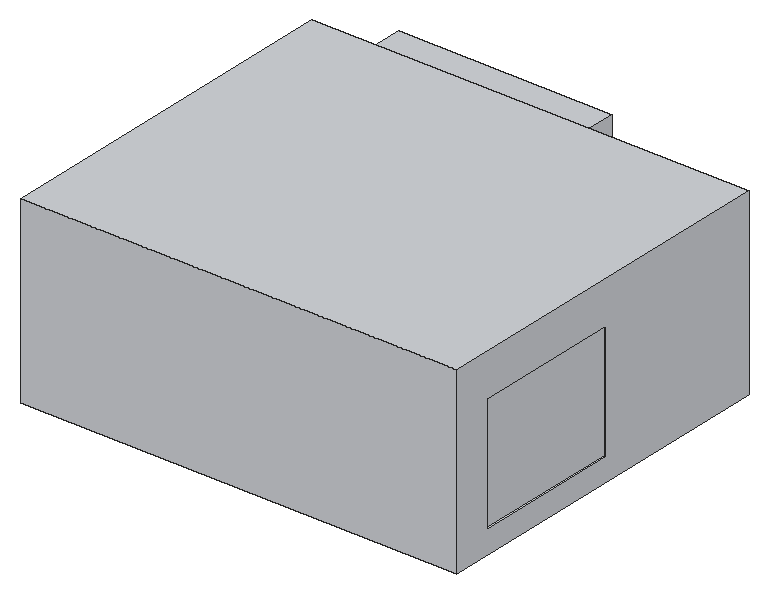
Revit family "1a06e13fa0894df6933945f8343416e4", category Mechanical Equipment, Revit 2021
Family settings
  Round Connector Dimension = Use Radius
  Part Type = Normal
  OmniClass Number = 23.75.70.21.24.14
  OmniClass Title = Variable Volume Air Terminal Units
  Seek Item ID = Terminal Unit - Fan Powered - Digital Controlled-0000-USA-ENU
  Work Plane-Based = No
  Always vertical = Yes
  Cut with Voids When Loaded = No
  Shared = No
  Room Calculation Point = No
Parameters (values of type "Unit Size 2")
  Width = 3' - 0 1/8"
  Voltage = 115 V
  Unit Pressure Drop [instance] = 0.10 in-wg
  Supply Airflow [instance] = 500 CFM
  Primary Air Airflow [instance] = Supply Airflow * 0.6  # 300 CFM
  Poles = 1
  Load Classification = Cooling
  Load = 480.0 VA
  Length = 3' - 4 7/8"
  Induced Air Airflow [instance] = Supply Airflow * 0.4  # 200 CFM
  Height = 1' - 5 1/8"
  HP = 0.167 VA
  Dimension N = 0' - 2 7/8"
  Dimension K = 0' - 4"
  Dimension J = 0' - 11"
  Dimension G = 0' - 3 1/2"
  Dimension F = 1' - 2"
  Dimension E = 1' - 2 1/2"
  Dimension D Radius = Dimension D Diameter / 2  # 3"
  Dimension D Diameter = 6"
  Dimension C = 1' - 1 1/4"
  Dimension B = 0' - 8 9/16"
  Dimension A = 0' - 6"
  Default Elevation = 0' - 0"
  Assembly Code = ""
Types (6): name | Width | Voltage | Unit Pressure Drop | Supply Airflow | Primary Air Airflow | Poles | Load | Length | Induced Air Airflow | Height | HP | Dimension N | Dimension K | Dimension J | Dimension G | Dimension F | Dimension E | Dimension D Radius | Dimension D Diameter | Dimension C | Dimension B | Dimension A
  Unit Size 2 | 3' - 0 1/8" | 115 V | 0.10 in-wg | 500 CFM | 300 CFM | 1 | 480.0 VA | 3' - 4 7/8" | 200 CFM | 1' - 5 1/8" | 0.167 VA | 0' - 2 7/8" | 0' - 4" | 0' - 11" | 0' - 3 1/2" | 1' - 2" | 1' - 2 1/2" | 3" | 6" | 1' - 1 1/4" | 0' - 8 9/16" | 0' - 6"
  Unit Size 3 | 3' - 0 1/8" | 115 V | 0.19 in-wg | 900 CFM | 540 CFM | 1 | 840.0 VA | 3' - 4 7/8" | 360 CFM | 1' - 5 1/8" | 0.250 VA | 0' - 2 7/8" | 0' - 4" | 0' - 11" | 0' - 3 1/2" | 1' - 2" | 1' - 2 1/2" | 4" | 8" | 1' - 1 1/4" | 0' - 8 9/16" | 0' - 6"
  Unit Size 4 | 3' - 0 1/8" | 115 V | 0.17 in-wg | 1300 CFM | 780 CFM | 1 | 1176.0 VA | 3' - 4 7/8" | 520 CFM | 1' - 5 1/8" | 0.333 VA | 0' - 4 7/8" | 0' - 4" | 0' - 11" | 0' - 3 1/2" | 1' - 2" | 1' - 2 1/2" | 5" | 10" | 1' - 1 1/4" | 0' - 8 9/16" | 0' - 7"
  Unit Size 5 | 4' - 0 1/8" | 115 V | 0.16 in-wg | 1500 CFM | 900 CFM | 1 | 1200.0 VA | 3' - 10 7/8" | 600 CFM | 1' - 8 1/8" | 0.333 VA | 0' - 4 7/8" | 0' - 2 1/2" | 1' - 2 1/2" | 0' - 9 1/2" | 1' - 4 1/2" | 1' - 5 1/2" | 6" | 12" | 1' - 9" | 0' - 10 1/16" | 0' - 8"
  Unit Size 6 | 4' - 0 1/8" | 115 V | 0.17 in-wg | 2000 CFM | 1200 CFM | 1 | 1608.0 VA | 3' - 10 7/8" | 800 CFM | 1' - 8 1/8" | 0.750 VA | 0' - 4 7/8" | 0' - 2 1/2" | 1' - 2 1/2" | 0' - 9 1/2" | 1' - 4 1/2" | 1' - 5 1/2" | 7" | 14" | 1' - 9" | 0' - 10 1/16" | 0' - 10"
  Unit Size 7 | 4' - 0 1/8" | 208 V | 0.15 in-wg | 2400 CFM | 1440 CFM | 3 | 1872.0 VA | 3' - 10 7/8" | 960 CFM | 1' - 8 1/8" | 1.000 VA | 0' - 4 7/8" | 0' - 2 1/2" | 1' - 2 1/2" | 0' - 9 1/2" | 1' - 4 1/2" | 1' - 5 1/2" | 8" | 16" | 1' - 9" | 0' - 10 1/16" | 0' - 11"
Reference planes (in)
  plane 1 "Center (Front/Back)": y = 0
  plane 2: z = 0
  plane 3 "Center (Left/Right)": x = 0
  plane 4 "Width": y = 34.125
  plane 5 "Length": x = -40.875
  plane 6: z = 17.125
  plane 7: x = -40.625
  plane 8: x = -0.25
  plane 9: y = 3.5
  plane 10: y = 17.5
  plane 11: z = 13.125
  plane 12: z = 2.125
  plane 13 "N": x = -37.75
  plane 14: x = -17.75
  plane 15: y = 40.375
  plane 16: z = 8.5625
  plane 17: z = 14.5625
  plane 18: z = 2.5625
  plane 19: y = 28.125
  plane 20: z = 8.5625
  plane 21: x = -44.25
  plane 22: y = 4.5
  plane 23: y = 17.75
  plane 24: z = 1.25
  plane 25: z = 15.75
  plane 26: y = 22.125
  plane 27: y = 34.125
  plane 28: y = 31.125
  plane 29: y = 25.125
Forms (in)
  Extrusion 1, solid
    sketch origin (0, 0, 0) x (1, 0, 0) y (0, 1, 0)
      loop
        line (-40.875, 34.125) -> (-40.875, 0) -> (0, 0) -> (0, 34.125) -> (-40.875, 34.125)
    from 0 to 17.125
  Extrusion 2, void
    sketch origin (0, 0, 0) x (0, 1, 0) y (0, 0, 1)
      loop
        line (3.5, 13.125) -> (3.5, 2.125) -> (17.5, 2.125) -> (17.5, 13.125) -> (3.5, 13.125)
    from 0 to -0.25
  Extrusion 3, solid
    sketch origin (4, 0, 0) x (1, 0, 0) y (0, 1, 0)
      loop
        line (-41.75, 40.375) -> (-41.75, 34.125) -> (-21.75, 34.125) -> (-21.75, 40.375) -> (-41.75, 40.375)
    from 2.5625 to 14.5625
  Extrusion 4, solid
    sketch origin (0, 0, 0) x (0, 1, 0) y (0, 0, 1)
      loop
        circle (28.125, 8.5625) r 3
    from -44.25 to -40.875
  Extrusion 5, void
    sketch origin (0, 0, 0) x (0, 1, 0) y (0, 0, 1)
      loop
        line (17.75, 15.75) -> (4.5, 15.75) -> (4.5, 1.25) -> (17.75, 1.25) -> (17.75, 15.75)
    from -40.875 to -40.625
Cuts and joins
  Extrusion 2, Extrusion 5 cuts Extrusion 1
Lines and regions (in)
  model lines
    curve 1: line (-37.75, 34.125, 0) -> (-17.75, 34.125, 0)
    curve 2: line (-40.875, 17.75, 0) -> (-40.875, 4.5, 0)
    curve 3: line (0, 17.5, 0) -> (0, 3.5, 0)
  symbolic lines
    curve 4: line (-44.25, 31.125, 0) -> (-44.25, 25.125, 0)
Dimensions and locks (in)
  "Length": plane 5 "Length" to plane 3 "Center (Left/Right)"
  plane 4 "Width" to plane 1 "Center (Front/Back)" = 2' - 10 1/8"
  "Height": plane 6 to level
  locked: plane 5 "Length" to plane 7 at 0.25
  locked: plane 8 to plane 3 "Center (Left/Right)" at 0.25
  "Dimension G": plane 1 "Center (Front/Back)" to plane 9
  "Dimension F": plane 9 to plane 10
  "Dimension K": plane 6 to plane 11
  "Dimension J": plane 11 to plane 12
  "Dimension N": plane 7 to plane 13 "N"
  locked: plane 13 "N" to plane 14 at 20
  locked: plane 15 to plane 4 "Width" at 6.25
  equal spacing: plane 6, plane 16, level
  equal spacing: plane 17, plane 16, plane 18
  locked: plane 17 to plane 18 at 12
  "Dimension A": plane 4 "Width" to plane 19
  "Dimension B": plane 20 to level
  locked: plane 21 to plane 5 "Length" at 3.375
  locked: plane 22 to plane 1 "Center (Front/Back)" at 4.5
  "Dimension C": plane 23 to plane 22
  locked: plane 24 to level at 1.25
  "Dimension E": plane 25 to plane 24
  equal spacing: plane 27, plane 19, plane 26
  plane 27 to plane 26 = 1' - 0"
  equal spacing: plane 28, plane 19, plane 29
  "Dimension D Diameter": plane 28 to plane 29
  "Dimension D Radius": radius of Extrusion 4 sketch curve
  aligned and locked: plane 5 "Length" to Extrusion 1 sketch curve
  aligned and locked: Extrusion 1 sketch curve to plane 4 "Width"
  aligned and locked: plane 1 "Center (Front/Back)" to Extrusion 1 sketch curve
  aligned and locked: Extrusion 1 sketch curve to plane 3 "Center (Left/Right)"
  aligned and locked: plane 6 to Extrusion 1
  aligned and locked: plane 9 to Extrusion 2 sketch curve
  aligned and locked: Extrusion 2 sketch curve to plane 11
  aligned and locked: plane 12 to Extrusion 2 sketch curve
  aligned and locked: Extrusion 2 sketch curve to plane 10
  aligned and locked: Extrusion 2 to plane 8
  aligned and locked: plane 13 "N" to Extrusion 3 sketch curve
  aligned and locked: Extrusion 3 sketch curve to plane 15
  aligned and locked: plane 4 "Width" to Extrusion 3 sketch curve
  aligned and locked: Extrusion 3 sketch curve to plane 14
  aligned and locked: plane 17 to Extrusion 3
  aligned and locked: plane 18 to Extrusion 3
  aligned and locked: Extrusion 4 to plane 21
  aligned and locked: Extrusion 4 to cut or joined group of Extrusion 1, Extrusion 2, Extrusion 5
  aligned and locked: plane 23 to Extrusion 5 sketch curve
  aligned and locked: plane 25 to Extrusion 5 sketch curve
  aligned and locked: plane 24 to Extrusion 5 sketch curve
  aligned and locked: plane 22 to Extrusion 5 sketch curve
  aligned and locked: cut or joined group of Extrusion 1, Extrusion 2, Extrusion 5 to cut or joined group of Extrusion 1, Extrusion 2, Extrusion 5
  aligned and locked: plane 7 to cut or joined group of Extrusion 1, Extrusion 2, Extrusion 5
  aligned and locked: curve 1 to Extrusion 3
  aligned and locked: plane 14 to Extrusion 3
  aligned and locked: plane 13 "N" to Extrusion 3
  aligned and locked: cut or joined group of Extrusion 1, Extrusion 2, Extrusion 5 to curve 2
  aligned and locked: plane 23 to curve 2
  aligned and locked: plane 22 to curve 2
  aligned and locked: cut or joined group of Extrusion 1, Extrusion 2, Extrusion 5 to plane 8
  aligned and locked: curve 3 to cut or joined group of Extrusion 1, Extrusion 2, Extrusion 5  (x2)
  aligned and locked: plane 9 to curve 3
  aligned and locked: curve 4 to plane 21
  aligned and locked: plane 28 to curve 4
  aligned and locked: plane 29 to curve 4
Automatic sketch dimensions
  Extrusion 4 sketch curve to plane 19 = 0' - 0"
  Extrusion 4 sketch curve to plane 20 = 0' - 0"
  curve 1 to plane 13 "N" = 0' - 0"
  curve 1 to plane 14 = 0' - 0"
Connectors (in)
  electrical at (-27.75, 37.25, 14.5625), driven by "Load", driven by "Load", driven by "Voltage", driven by "Poles", driven by "Load Classification"
    settings: on Extrusion 3, index 1, voltage 115 V, apparent load 480.0 VA, apparent load phase1 480.0 VA, apparent load phase2 0.0 VA, apparent load phase3 0.0 VA, power factor 0.8, load classification "Cooling", number of poles 1, system type 31, power factor state 1, is connector primary yes, connector utility no, sub classification motor no, connector description ""
  hvac at (-44.25, 28.125, 8.5625), driven by "Primary Air Airflow", driven by "Dimension D Radius"
    settings: on Extrusion 4, index 2, duct flow 300 CFM, flow factor 0, pres drop 0.10 in-wg, loss coef 0, conn angle 0.00°, conn width 12", conn height 12", conn diameter 6", duct sys type 1, conn prof type 0, flow config 0, flow direction 1, loss method 4, conn ref index -1, conn util no, is conn primary yes, conn desc ""
  hvac at (-40.625, 11.125, 8.5), driven by "Induced Air Airflow"
    settings: on cut or joined group of Extrusion 1, Extrusion 2, Extrusion 5, index 3, duct flow 200 CFM, flow factor 0, pres drop 0.00 in-wg, loss coef 0, conn angle 0.00°, conn width 12", conn height 12", conn diameter 24", duct sys type 2, conn prof type 1, flow config 0, flow direction 1, loss method 4, conn ref index -1, conn util no, is conn primary no, conn desc ""
  hvac at (-0.25, 10.5, 7.625), driven by "Supply Airflow", driven by "Unit Pressure Drop"
    settings: on cut or joined group of Extrusion 1, Extrusion 2, Extrusion 5, index 4, duct flow 500 CFM, flow factor 0, pres drop 0.10 in-wg, loss coef 0, conn angle 0.00°, conn width 12", conn height 12", conn diameter 24", duct sys type 1, conn prof type 1, flow config 0, flow direction 2, loss method 4, conn ref index -1, conn util no, is conn primary no, conn desc ""
